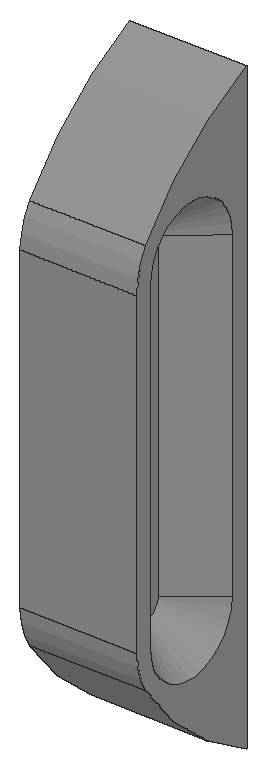
Revit family "KG62 Classic Grip Anti-Ligature Cabinet Handle", category Generic Models, Revit 2019
Family settings
  Can host rebar = No
  Round Connector Dimension = Use Diameter
  Part Type = Normal
  Work Plane-Based = No
  Always vertical = Yes
  Cut with Voids When Loaded = No
  Shared = No
  Room Calculation Point = No
Parameters
  URL = "https://kingswaygroupglobal.com/en-us/product/ligature-resistant-classic-grip-cabinet-pull-handle"
  Telephone = "1-248-429-5520"
  Model = "KG62 Classic Grip Anti-Ligature Cabinet Handle"
  Manufacturer = "Kingsway Group Inc"
  Finish = Brushed Stainless Steel
  Email Address = "sales@kingswaygroupusa.com"
  Description = ""
  Address = "164 Indusco Court, Troy, Michigan, 48083. United States"
Reference planes
  plane 1 "Center (Front/Back)": y = 0
  plane 2: z = 0
  plane 3 "Center (Left/Right)": x = 0
Forms (mm)
  Extrusion 1, solid, material "Brushed Stainless Steel" <- "Finish"
    sketch origin (-9.5, 4192.823, -1296.314) x (0, 1, 0) y (0, 0, 1)
      loop
        arc (-4192.823, 1396.314) -> (-4204.249, 1388.998) -> (-4213.347, 1378.933) r 51.087
        arc (-4213.347, 1378.933) -> (-4214.817, 1375.898) -> (-4215.323, 1372.564) r 11.251
        line (-4215.323, 1372.564) -> (-4215.323, 1320.064)
        arc (-4215.323, 1320.064) -> (-4214.817, 1316.73) -> (-4213.347, 1313.696) r 11.25
        arc (-4213.347, 1313.696) -> (-4204.249, 1303.63) -> (-4192.823, 1296.314) r 51.092
        line (-4192.823, 1296.314) -> (-4192.823, 1396.314)
    from 0 to 19
  Blend 2, void
    base sketch origin (-9.5, 4192.823, -1296.314) x (0, 1, 0) y (0, 0, 1)
      loop
        arc (-4195.598, 1372.814) -> (-4204.098, 1381.314) -> (-4212.598, 1372.814) r 8.5
        line (-4212.598, 1372.814) -> (-4212.598, 1319.814)
        arc (-4212.598, 1319.814) -> (-4204.098, 1311.314) -> (-4195.598, 1319.814) r 8.5
        line (-4195.598, 1319.814) -> (-4195.598, 1372.814)
    top sketch origin (-9.5, 4192.823, -1296.314) x (0, 1, 0) y (0, 0, 1)
      loop
        line (-4201.598, 1319.814) -> (-4201.598, 1372.814)
        arc (-4201.598, 1372.814) -> (-4204.098, 1375.314) -> (-4206.598, 1372.814) r 2.5
        line (-4206.598, 1372.814) -> (-4206.598, 1319.814)
        arc (-4206.598, 1319.814) -> (-4204.098, 1317.314) -> (-4201.598, 1319.814) r 2.5
    from 0 to 7.5
  Blend 3, void
    base sketch origin (9.5, 4192.823, -1296.314) x (0, 1, 0) y (0, 0, -1)
      loop
        line (-4195.598, -1372.814) -> (-4195.598, -1319.814)
        arc (-4195.598, -1319.814) -> (-4204.098, -1311.314) -> (-4212.598, -1319.814) r 8.5
        line (-4212.598, -1319.814) -> (-4212.598, -1372.814)
        arc (-4212.598, -1372.814) -> (-4204.098, -1381.314) -> (-4195.598, -1372.814) r 8.5
    top sketch origin (9.5, 4192.823, -1296.314) x (0, 1, 0) y (0, 0, -1)
      loop
        arc (-4201.598, -1319.814) -> (-4204.098, -1317.314) -> (-4206.598, -1319.814) r 2.5
        line (-4206.598, -1319.814) -> (-4206.598, -1372.814)
        arc (-4206.598, -1372.814) -> (-4204.098, -1375.314) -> (-4201.598, -1372.814) r 2.5
        line (-4201.598, -1372.814) -> (-4201.598, -1319.814)
    from 0 to 7.5
Cuts and joins
  Blend 2, Blend 3 cuts Extrusion 1
Dimensions and locks
  aligned and locked: level to plane 2
